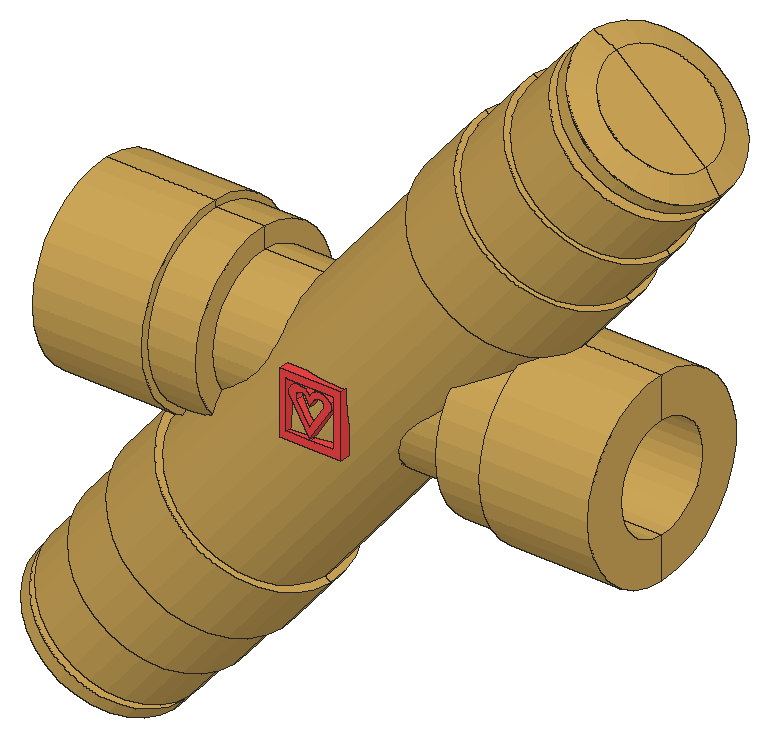
Revit family "HERZ Circulation Temperature Limiter 4011", category Rohrzubehör, Revit 2021
Family settings
  Bemaßung runder Anschluss = Durchmesser verwenden
  Teiletyp = Unterbricht
  OmniClass-Nummer = 23.65.55.14
  OmniClass-Titel = Valves for Liquid Services
  Arbeitsebenenbasiert = Nein
  Immer vertikal = Ja
  Beim Laden mit Abzugskörper schneiden = Nein
  Gemeinsam genutzt = Nein
Parameters (values of type "Factory setting 52 und 70°C")
  Vorgabe-Ansicht = 0.000 mm
  Part number [instance] = if(and([52_70], Nennweite = 15.000 mm), 2401101, if(and([52_70], Nennweite = 20.000 mm), 2401102, if(and([55_70], Nennweite = 15.000 mm), 2401111, if(and([55_70], Nennweite = 20.000 mm), 2401112, if(and([58_70], Nennweite = 15.000 mm), 2401117, if(and([58_70], Nennweite = 20.000 mm), 2401118, 0))))))  # 2401101
  Operation = "The HERZ Circuit Temperature Controller is a thermostatically operated proportional controller, requiring no supplementary energy, for pumped return domestic hot water systems.\r\nThe return temperature from each branch is controlled to induce flow to other areas.\r\nThe water volume is limited to the minimum required to guarantee a constant return temperature and thus circulation losses are reduced.\r\nThe valve also allows the system to be pasteurised by raising the boiler outlet temperature as it then allows increased flow to maintain the higher temperature.\r\nAs the medium temperature increases the valve closes until at the set temperature of 52 degrees the valve is closed, except for a small bleed path to maintain the temperature.\r\nAs the medium temperature reduces the valve opens to allow the higher flows until the set temperature is reached.\r\nDuring pasteurisation the boiler outlet temperature is raised above 70 degrees and the second element then pushes the first element back allowing the valve to open fully giving full flow to maintain the higher temperature to pasteurise and clean the system.\r\nAfter the required period the return temperature is reduced to normal and the valve returns to its normal operation.\r\nAccording to the construction has the valve a leakage flow from 0,65 [l/ min] at 10 [kPa] differential pressure."
  Note = "Pursuant to Article 33 of the REACH Regulation (EC No. 1907/2006), we are obliged to point out that the material lead is listed on the SVHC list and that all brass components manufactured in our products exceed 0.1% (w / w) lead (CAS: 7439-92-1 / EINECS: 231-100-4).\r\nSince lead is a component part of an alloy, actual exposure is not possible and therefore no additional information on safe use is necessary."
  Factory setting (temperatur) [instance] = if([52_70], "52 - 70°C", if([55_70], "55 - 70°C", if([58_70], "58 - 70°C", "0")))  # "52 - 70°C"
  W03 = 25.00°  # constant formula
  W02 = 15.00°  # constant formula
  W01 = 50.00°  # constant formula
  URL = "www.herzvalves.com"
  Spring = "stainless steel"  # constant formula
  SC_NennweiteBerechnet = 0
  SC_Dimension = ""
  SCTWSEQ = "AW;SBT_TYP_AW=\"104\";2"
  SCTWCODE = "04;26;02"  # constant formula
  S06 = 40.000 mm  # constant formula
  S05 = 15.000 mm  # constant formula
  S04 = 20.000 mm  # constant formula
  S03 = 60.000 mm  # constant formula
  S02 [instance] = S01 + 5.000 mm  # 11.750 mm
  S01 [instance] = D01 / 2  # 6.750 mm
  R01 = 5.000 mm  # constant formula
  Nennweite [instance] = 15.000 mm
  Medium = "Water"  # constant formula
  Max. operating temperature = 80 °C  # constant formula
  Max. operating pressure = 1000000.0 Pa  # constant formula
  L09 = 4.500 mm  # constant formula
  L08 = 1.500 mm  # constant formula
  L07 [instance] = L03 + L05 + L06  # 58.400 mm
  L06 [instance] = size_lookup("4011_0X_", "L6", 1.000 mm, Nennweite)  # 8.900 mm
  L05 [instance] = size_lookup("4011_0X_", "L5", 1.000 mm, Nennweite)  # 10.000 mm
  L04 [instance] = size_lookup("4011_0X_", "L4", 1.000 mm, Nennweite)  # 11.000 mm
  L03 [instance] = size_lookup("4011_0X_", "L3", 1.000 mm, Nennweite)  # 39.500 mm
  L02 [instance] = size_lookup("4011_0X_", "L2", 1.000 mm, Nennweite)  # 23.000 mm
  L01 [instance] = size_lookup("4011_0X_", "L1", 1.000 mm, Nennweite)  # 15.900 mm
  L00 [instance] = size_lookup("4011_0X_", "L", 1.000 mm, Nennweite)  # 81.000 mm
  IG [instance] = Nennweite / 2  # 7.500 mm
  Hersteller = "HERZ Armaturen Ges.m.b.H."  # constant formula
  Guide parts = "stainless steel"  # constant formula
  GT [instance] = size_lookup("4011_0X_", "GT", 1.000 mm, Nennweite)  # 12.000 mm
  Turned parts = "CW626N, CW617N"  # constant formula
  Seals = "EPDM"  # constant formula
  D10 = 12.000 mm  # constant formula
  D09 = 9.200 mm  # constant formula
  D08 = 8.500 mm  # constant formula
  D07 [instance] = size_lookup("4011_0X_", "D7", 1.000 mm, Nennweite)  # 13.000 mm
  D06 [instance] = size_lookup("4011_0X_", "D6", 1.000 mm, Nennweite)  # 12.200 mm
  D05 [instance] = size_lookup("4011_0X_", "D5", 1.000 mm, Nennweite)  # 12.750 mm
  D04 [instance] = size_lookup("4011_0X_", "D4", 1.000 mm, Nennweite)  # 13.750 mm
  D03 [instance] = size_lookup("4011_0X_", "D3", 1.000 mm, Nennweite)  # 9.500 mm
  D02 [instance] = size_lookup("4011_0X_", "D2", 1.000 mm, Nennweite)  # 12.500 mm
  D01 [instance] = size_lookup("4011_0X_", "D1", 1.000 mm, Nennweite)  # 13.500 mm
  Body = "CC752S"  # constant formula
  Application = "HERZ-CTC, DZR brass version. Shut-off spindle, springs and guide parts are made of stainless chrome-nickel steel.\r\nO-rings EPDM are made of materials which are recognized as safe and WRAS approved.\r\nSocket thread according ISO 7/1 (Rp).\r\nModel with two sensors.\r\n\r\nFactory setting 52 and 70°C\r\n2 4011 01: Dimension DN 15 (1/2), socket x socket, compression union 1 6292 01 for 15 mm copper pipe, and 1 6092 xx for 14 x 2.0 and 16 x 2.0 plastic pipe are to be ordered separately.\r\n2 4011 02: Dimension DN 20 (3/4), socket x socket, compression union 1 6292 02 for 18 mm copper pipe has to be ordered separately."
  58_70 = no
  55_70 = no
  52_70 = yes
Types (4, lengths in mm): name | Part number | Factory setting (temperatur) | S02 | S01 | Nennweite | L07 | L06 | L05 | L04 | L03 | L02 | L01 | L00 | IG | GT | D07 | D06 | D05 | D04 | D03 | D02 | D01 | Application | 58_70 | 55_70 | 52_70
  (no name) | 2401101 | "52 - 70°C" | 11.750 | 6.750 | 15.000 | 58.400 | 8.900 | 10.000 | 11.000 | 39.500 | 23.000 | 15.900 | 81.000 | 7.500 | 12.000 | 13.000 | 12.200 | 12.750 | 13.750 | 9.500 | 12.500 | 13.500 | "HERZ-CTC, DZR brass version. Shut-off spindle, springs and guide parts are made of stainless chrome-nickel steel.\r\nO-rings EPDM are made of materials which are recognized as safe and WRAS approved.\r\nSocket thread according ISO 7/1 (Rp).\r\nModel with two sensors.\r\n\r\nFactory setting 52 and 70°C\r\n2 4011 01: Dimension DN 15 (1/2), socket x socket, compression union 1 6292 01 for 15 mm copper pipe, and 1 6092 xx for 14 x 2.0 and 16 x 2.0 plastic pipe are to be ordered separately.\r\n2 4011 02: Dimension DN 20 (3/4), socket x socket, compression union 1 6292 02 for 18 mm copper pipe has to be ordered separately." | no | no | yes
  Factory setting 52 und 70°C | 2401101 | "52 - 70°C" | 11.750 | 6.750 | 15.000 | 58.400 | 8.900 | 10.000 | 11.000 | 39.500 | 23.000 | 15.900 | 81.000 | 7.500 | 12.000 | 13.000 | 12.200 | 12.750 | 13.750 | 9.500 | 12.500 | 13.500 | "HERZ-CTC, DZR brass version. Shut-off spindle, springs and guide parts are made of stainless chrome-nickel steel.\r\nO-rings EPDM are made of materials which are recognized as safe and WRAS approved.\r\nSocket thread according ISO 7/1 (Rp).\r\nModel with two sensors.\r\n\r\nFactory setting 52 and 70°C\r\n2 4011 01: Dimension DN 15 (1/2), socket x socket, compression union 1 6292 01 for 15 mm copper pipe, and 1 6092 xx for 14 x 2.0 and 16 x 2.0 plastic pipe are to be ordered separately.\r\n2 4011 02: Dimension DN 20 (3/4), socket x socket, compression union 1 6292 02 for 18 mm copper pipe has to be ordered separately." | no | no | yes
  Factory setting 55 und 70°C | 2401112 | "55 - 70°C" | 13.000 | 8.000 | 20.000 | 60.700 | 4.500 | 6.200 | 10.000 | 50.000 | 20.500 | 17.000 | 102.000 | 10.000 | 16.300 | 15.000 | 13.500 | 15.500 | 16.500 | 13.000 | 15.000 | 16.000 | "HERZ-CTC, DZR brass version. Shut-off spindle, springs and guide parts are made of stainless chrome-nickel steel.\r\nO-rings EPDM are made of materials which are recognized as safe and WRAS approved.\r\nSocket thread according ISO 7/1 (Rp).\r\nModel with two sensors.\r\n\r\nFactory setting 55°C and 70°C\r\n2 4011 11: Dimension DN 15 (1/2), other specifications see 2 4011 01\r\n2 4011 12: Dimension DN 20 (3/4), other specifications see 2 4011 02" | no | yes | no
  Factory setting 58 und 70°C | 2401118 | "58 - 70°C" | 13.000 | 8.000 | 20.000 | 60.700 | 4.500 | 6.200 | 10.000 | 50.000 | 20.500 | 17.000 | 102.000 | 10.000 | 16.300 | 15.000 | 13.500 | 15.500 | 16.500 | 13.000 | 15.000 | 16.000 | "HERZ-CTC, DZR brass version. Shut-off spindle, springs and guide parts are made of stainless chrome-nickel steel.\r\nO-rings EPDM are made of materials which are recognized as safe and WRAS approved.\r\nSocket thread according ISO 7/1 (Rp).\r\nModel with two sensors." | yes | no | no
Reference planes
  plane 1 "Mitte (Vorne/hinten)": y = 0
  plane 2: z = 0
  plane 3 "Mitte (Links/rechts)": x = 0
Forms (mm)
  Revolve 1, solid, material "Messing, weicher Gelbton, geschweißt", detail levels fine
    sketch origin (0, 0, 0) x (1, 0, 0) y (0, 0, 1)
      loop
        line (-28.5, 0) -> (28.5, 0) -> (28.5, 7.5) -> (40.5, 7.5) -> (40.5, 13.5) -> (24.6, 13.5) -> (24.6, 12.5) -> (17.5, 12.5) -> (17.5, 9.5) -> (-17.5, 9.5) -> (-17.5, 12.5) -> (-24.6, 12.5) -> (-24.6, 13.5) -> (-40.5, 13.5) -> (-40.5, 7.5) -> (-28.5, 7.5) -> (-28.5, 0)
      axis (-40.5, 0) -> (40.5, 0)
    angle from 0 to 360
  Revolve 2, solid, material "Messing, weicher Gelbton, geschweißt", detail levels fine
    sketch origin (0, 0, 0) x (1, 0, 0) y (0, 0, 1)
      loop
        line (0, 0) -> (25.39, 30.259) -> (14.857, 39.097) -> (7.786, 30.671) -> (8.552, 30.028) -> (-28.087, -13.637) -> (-28.853, -12.994) -> (-35.923, -21.42) -> (-25.39, -30.259) -> (0, 0)
      axis (25.39, 30.259) -> (-25.39, -30.259)
    angle from 0 to 360
  Revolve 3, solid, material "Messing, weicher Gelbton, geschweißt", detail levels fine
    sketch origin (0, 0, 0) x (1, 0, 0) y (0, 0, 1)
      loop
        line (0, 0) -> (37.539, 44.737) -> (28.193, 52.579) -> (22.472, 45.761) -> (21.859, 46.275) -> (15.432, 38.615) -> (21.56, 33.473) -> (-29.22, -27.045) -> (-35.349, -21.903) -> (-41.777, -29.563) -> (-41.164, -30.077) -> (-46.885, -36.895) -> (-37.539, -44.737) -> (0, 0)
      axis (-37.539, -44.737) -> (37.539, 44.737)
    angle from 0 to 360
  Revolve 4, solid, material "Messing, weicher Gelbton, geschweißt", detail levels fine
    sketch origin (0, 0, 0) x (1, 0, 0) y (0, 0, 1)
      loop
        line (0, 0) -> (40.431, 48.184) -> (33.92, 53.648) -> (30.636, 55.179) -> (29.31, 53.6) -> (31.455, 51.8) -> (30.491, 50.651) -> (33.709, 47.951) -> (-41.369, -41.523) -> (-44.586, -38.823) -> (-45.551, -39.972) -> (-47.696, -38.173) -> (-49.021, -39.752) -> (-46.943, -42.721) -> (-40.431, -48.184) -> (0, 0)
      axis (-40.431, -48.184) -> (40.431, 48.184)
    angle from 0 to 360
Lines and regions (mm)
  model lines, detail levels coarse+medium
    curve 1: line (-40.5, 0, 13.5) -> (-40.5, 0, -13.5)
    curve 2: line (-40.5, 0, -13.5) -> (40.5, 0, 13.5)
    curve 3: line (40.5, 0, 13.5) -> (40.5, 0, -13.5)
    curve 4: line (40.5, 0, -13.5) -> (-40.5, 0, 13.5)
    curve 5: circle (0, 0, 0) r 6.75 normal (0, -1, 0)
    curve 6: line (0, 0, 40) -> (0, 0, 60)
    curve 7: line (-15, 0, 60) -> (15, 0, 60)
    curve 8: line (15, 0, 60) -> (15, 0, 80)
    curve 9: line (15, 0, 80) -> (-15, 0, 80)
    curve 10: line (-15, 0, 80) -> (-15, 0, 60)
    curve 11: line (0, 0, 11.75) -> (13.173, 0, 40)
    curve 12: line (0, 0, 11.75) -> (-13.173, 0, 40)
    curve 13: line (-13.173, 0, 40) -> (13.173, 0, 40)
    curve 14: line (-40.5, 13.5, 0) -> (-40.5, -13.5, 0)
    curve 15: line (-40.5, -13.5, 0) -> (40.5, 13.5, 0)
    curve 16: line (40.5, 13.5, 0) -> (40.5, -13.5, 0)
    curve 17: line (40.5, -13.5, 0) -> (-40.5, 13.5, 0)
    curve 18: circle (0, 0, 0) r 6.75 normal (0, 0, 1)
    curve 19: line (0, 40, 0) -> (0, 60, 0)
    curve 20: line (-15, 60, 0) -> (15, 60, 0)
    curve 21: line (15, 60, 0) -> (15, 80, 0)
    curve 22: line (15, 80, 0) -> (-15, 80, 0)
    curve 23: line (-15, 80, 0) -> (-15, 60, 0)
    curve 24: line (0, 11.75, 0) -> (13.173, 40, 0)
    curve 25: line (0, 11.75, 0) -> (-13.173, 40, 0)
    curve 26: line (-13.173, 40, 0) -> (13.173, 40, 0)
Dimensions and locks
  "L00": Revolve 1 sketch curve to Revolve 1 sketch curve
  equal spacing: Revolve 1 sketch curve, plane 3 "Mitte (Links/rechts)", Revolve 1 sketch curve
  "L01": Revolve 1 sketch curve to Revolve 1 sketch curve  (x2)
  "L02": Revolve 1 sketch curve to Revolve 1 sketch curve  (x2)
  "GT": Revolve 1 sketch curve to Revolve 1 sketch curve  (x2)
  "IG": Revolve 1 sketch curve to plane 2  (x2)
  "D01": Revolve 1 sketch curve to plane 2  (x2)
  "D02": Revolve 1 sketch curve to plane 2  (x2)
  "D03": Revolve 1 sketch curve to Revolve 1 sketch curve
  equal spacing: Revolve 1, Revolve 2 sketch curve, Revolve 1  (x2)
  "L03": Revolve 2 sketch curve to Revolve 2 sketch curve  (x2)
  "L04": Revolve 2 sketch curve to Revolve 2 sketch curve  (x2)
  "D05": nested 1 to plane 1 "Mitte (Vorne/hinten)"
  "D04": Revolve 2 sketch curve to Revolve 2 sketch curve  (x2)
  "D05": Revolve 2 sketch curve to Revolve 2 sketch curve
  "L03": Revolve 3 sketch curve to Revolve 3 sketch curve  (x2)
  "L05": Revolve 3 sketch curve to Revolve 3 sketch curve  (x2)
  "L06": Revolve 3 sketch curve to Revolve 3 sketch curve  (x2)
  "D06": Revolve 3 sketch curve to Revolve 3 sketch curve  (x2)
  "D07": Revolve 3 sketch curve to Revolve 3 sketch curve  (x2)
  "R01": Revolve 3 sketch curve to Revolve 3 sketch curve
  equal spacing: Revolve 1, Revolve 3 sketch curve, Revolve 1
  equal spacing: Revolve 1, Revolve 4 sketch curve, Revolve 1
  "L07": Revolve 4 sketch curve to Revolve 4 sketch curve to Revolve 4 sketch curve
  "L08": Revolve 4 sketch curve to Revolve 4 sketch curve  (x2)
  "L09": Revolve 4 sketch curve to Revolve 4 sketch curve  (x2)
  "D08": Revolve 4 sketch curve to Revolve 4 sketch curve  (x2)
  "D09": Revolve 4 sketch curve to Revolve 4 sketch curve  (x2)
  "D10": Revolve 4 sketch curve to Revolve 4 sketch curve  (x2)
  "R01": Revolve 4 sketch curve to Revolve 4 sketch curve
  equal spacing: curve 1, plane 3 "Mitte (Links/rechts)", curve 3
  "L00": curve 1 to curve 3
  "D01": curve 4 to plane 2 to curve 2
  "D01": curve 3 to plane 2 to curve 4
  equal spacing: Revolve 1, curve 5, Revolve 1
  "S03": curve 6 to plane 2
  "S05": curve 10 to plane 3 "Mitte (Links/rechts)" to curve 8
  "S04": curve 9 to curve 7
  "S06": curve 13 to plane 2
  "S02": curve 12 to plane 2
  equal spacing: curve 14, plane 3 "Mitte (Links/rechts)", curve 16
  "L00": curve 14 to curve 16
  "D01": curve 15 to plane 1 "Mitte (Vorne/hinten)" to curve 17
  "D01": curve 17 to plane 1 "Mitte (Vorne/hinten)" to curve 16
  equal spacing: curve 14, curve 18, curve 16
  "S06": plane 1 "Mitte (Vorne/hinten)" to curve 19
  "S03": plane 1 "Mitte (Vorne/hinten)" to curve 19
  "S05": curve 23 to plane 3 "Mitte (Links/rechts)" to curve 21
  "S04": curve 22 to curve 20
  "S02": plane 1 "Mitte (Vorne/hinten)" to curve 25
  "S01": radius of curve 5
  "S01": radius of curve 18
  "W01": angle plane 2 to Revolve 3 sketch curve
  "W01": angle plane 2 to Revolve 4 sketch curve
  "W02": angle Revolve 4 sketch curve to Revolve 4 sketch curve  (x2)
  "W01": angle plane 2 to Revolve 2 sketch curve
  "W03": angle curve 11 to curve 6 to curve 12
  "W03": angle curve 24 to plane 3 "Mitte (Links/rechts)" to curve 25
  aligned and locked: level to plane 2
Automatic sketch dimensions
  curve 12 to plane 3 "Mitte (Links/rechts)" = 0.000 mm
  curve 6 to plane 3 "Mitte (Links/rechts)" = 0.000 mm
  curve 5 to level = 0.000 mm
  curve 25 to plane 3 "Mitte (Links/rechts)" = 0.000 mm
  curve 19 to plane 3 "Mitte (Links/rechts)" = 0.000 mm
  plane 1 "Mitte (Vorne/hinten)" to curve 18 = 0.000 mm
  Revolve 1 sketch curve to level = 0.000 mm  (x2)
  Revolve 1 sketch curve to Revolve 1 sketch curve = 1466.030 mm
  Revolve 1 sketch curve to Revolve 1 sketch curve = 1798.648 mm
  Revolve 2 sketch curve to level = 0.000 mm  (x2)
  Revolve 3 sketch curve to level = 0.000 mm
  Revolve 3 sketch curve to Revolve 3 sketch curve = 0.000 mm  (x4)
  Revolve 4 sketch curve to level = 0.000 mm
  Revolve 4 sketch curve to Revolve 4 sketch curve = 0.000 mm  (x4)
Nested families
  nested 1: "Herz-Logo-vorne" at (0, -12.75, 0) x (0, 1, 0) z (0, 0, 1), type "Herz-Logo-vorne", detail levels fine
Connectors
  piping at (-28.5, 0, 0), diameter 15, driven by "Nennweite"
    settings: on Revolve 1, index 1, connector inside diameter 609.6 mm, connector length 0.000 mm, flow factor 0, pipe flow 0.0 L/s, pressure drop 0.0 Pa, fitting loss kfactor 0, connector angle 0.00°, fixture units 0, engagement length 0.000 mm, angle of deflection 0.00°, flow configuration 0, flow direction 1, fitting loss method 0, system type 29, joint type 0, gender type 0, connector reference index -1, connector utility 0, adjustable connector no, is connector primary yes, connector description ""
  piping at (28.5, 0, 0), diameter 15, driven by "Nennweite"
    settings: on Revolve 1, index 2, connector inside diameter 609.6 mm, connector length 0.000 mm, flow factor 0, pipe flow 0.0 L/s, pressure drop 0.0 Pa, fitting loss kfactor 0, connector angle 0.00°, fixture units 0, engagement length 0.000 mm, angle of deflection 0.00°, flow configuration 0, flow direction 2, fitting loss method 0, system type 29, joint type 0, gender type 0, connector reference index -1, connector utility 0, adjustable connector no, is connector primary no, connector description ""
Definition of nested family "Herz-Logo-vorne"
  Parameters (values of type "Herz-Logo-vorne")
    Default Elevation = 0.000 mm
  Reference planes
    plane 1 "Mitte (Vorne/hinten)": y = 0
    plane 2: z = 0
    plane 3 "Mitte (Links/rechts)": x = 0
  Forms (mm)
    Extrusion 1, solid
      sketch origin (0.732, -0.018, 0.017) x (0, -1, 0) y (0, 0, 1)
        loop
          line (-0.018, -4.517) -> (4.482, -4.517) -> (4.482, 4.483) -> (-4.518, 4.483) -> (-4.518, -4.517) -> (-0.018, -4.517)
        loop
          line (-0.05, -3.48) -> (3.482, -3.48) -> (3.482, 3.483) -> (-3.518, 3.483) -> (-3.518, -3.48) -> (-0.05, -3.48)
        loop
          arc (-0.018, 2.383) -> (-1.543, 3.287) -> (-3.067, 2.383) r 1.738
          arc (-3.067, 2.383) -> (-3.191, 1.899) -> (-3.067, 1.415) r 1.009
          line (-3.067, 1.415) -> (-0.018, -3.281) -> (3.032, 1.415)
          arc (3.032, 1.415) -> (3.156, 1.899) -> (3.032, 2.383) r 1.009
          arc (3.032, 2.383) -> (1.507, 3.287) -> (-0.018, 2.383) r 1.738
        loop
          arc (1.885, 1.272) -> (2.005, 1.675) -> (1.885, 2.079) r 0.74
          arc (1.885, 2.079) -> (1.265, 2.416) -> (0.644, 2.079) r 0.74
          line (0.644, 2.079) -> (-0.018, 0.97) -> (-0.679, 2.079)
          arc (-0.679, 2.079) -> (-1.3, 2.416) -> (-1.921, 2.079) r 0.74
          arc (-1.921, 2.079) -> (-2.04, 1.675) -> (-1.921, 1.272) r 0.74
          line (-1.921, 1.272) -> (-0.018, -1.658) -> (1.885, 1.272)
      from 0 to 1.5
  Dimensions and locks
    aligned and locked: level to plane 2
